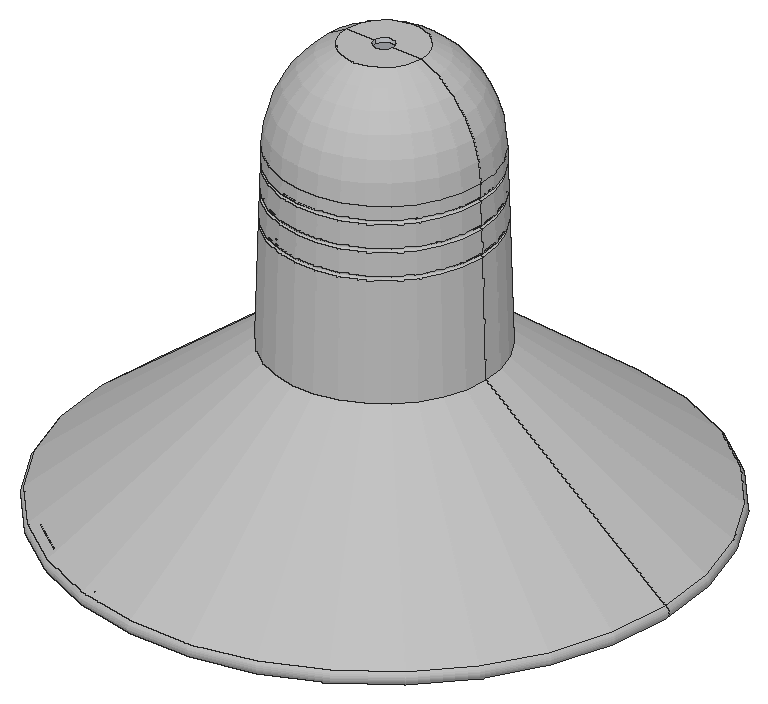
Revit family "HV15 SHADE", category Lighting Fixtures, Revit 2024
Family settings
  Round Connector Dimension = Use Diameter
  Part Type = Normal
  OmniClass Number = 23.80.70.00
  OmniClass Title = Lighting
  Work Plane-Based = No
  Always vertical = Yes
  Cut with Voids When Loaded = No
  Light Source = Yes
  Maintain Annotation Orientation = No
  Shared = No
  Room Calculation Point = No
Parameters
  Wattage = 12.1178 W
  built-in parameter 1150110 = 1 (stored number, unit not read)
  built-in parameter 1114217 = 1 (stored number, unit not read)
  built-in parameter 1150109 = 1 (stored number, unit not read)
  built-in parameter 1150134 = (empty or 0)
  built-in parameter 1150113 = 1 (stored number, unit not read)
  Lumens = 1800 lm
  built-in parameter 1150115 = 1 (stored number, unit not read)
  built-in parameter 1150105 = 572.96 (stored number, unit not read)
  Light Source Symbol Size = 2' - 0"
  built-in parameter 1150137 = (empty or 0)
  built-in parameter 1150139 = (empty or 0)
  built-in parameter 1150112 = 1 (stored number, unit not read)
  built-in parameter 1150114 = 1 (stored number, unit not read)
  built-in parameter 1150132 = 2
  built-in parameter 1150102 = (empty or 0)
  built-in parameter 1150138 = (empty or 0)
  built-in parameter 1150107 = 3000 (stored number, unit not read)
  built-in parameter 1150106 = 5.7296 (stored number, unit not read)
  built-in parameter 1150104 = 13.8 (stored number, unit not read)
  Dimming Lamp Color Temperature Shift = (empty or 0)
  Default Elevation = 0' - 0"
  Color Filter = 16777215
  built-in parameter 1114218 = 1 (stored number, unit not read)
  built-in parameter 1150133 = 10 (stored number, unit not read)
Reference planes (in)
  plane 1 "Light Source Axis (F/B)": y = 0
  plane 2: z = 0
  plane 3 "Light Source Axis (L/R)": x = 0
  plane 4 "Light Source Elevation": z = 54
Forms (in)
  Revolve 1, solid
    sketch origin (0, 0, 0) x (1, 0, 0) y (0, 0, 1)
      loop
        line (-7.24115, 54.36089) -> (-2.58263, 57.95284) -> (-2.49695, 60.79774)
        arc (-2.49695, 60.79774) -> (-2.44731, 60.90088) -> (-2.49104, 61.00666) r 0.14026
        line (-2.49104, 61.00666) -> (-2.47951, 61.44364)
        arc (-2.47951, 61.44364) -> (-2.42502, 61.54783) -> (-2.4689, 61.65691) r 0.14035
        line (-2.4689, 61.65691) -> (-2.45813, 62.0925)
        arc (-2.45813, 62.0925) -> (-2.40218, 62.20049) -> (-2.45146, 62.31169) r 0.1405
        line (-2.45146, 62.31169) -> (-2.44272, 62.57836)
        arc (-2.44272, 62.57836) -> (-2.04634, 63.95332) -> (-0.97884, 64.90625) r 2.58283
        line (-0.97884, 64.90625) -> (-0.25, 64.90625) -> (-0.25, 65) -> (-1, 65)
        arc (-1, 65) -> (-2.11954, 64.01299) -> (-2.53647, 62.57991) r 2.67658
        line (-2.53647, 62.57991) -> (-2.54724, 62.25129)
        arc (-2.54724, 62.25129) -> (-2.49589, 62.20324) -> (-2.55028, 62.15865) r 0.04675
        line (-2.55028, 62.15865) -> (-2.56405, 61.6014)
        arc (-2.56405, 61.6014) -> (-2.51875, 61.55103) -> (-2.57158, 61.50865) r 0.0466
        line (-2.57158, 61.50865) -> (-2.58629, 60.95133)
        arc (-2.58629, 60.95133) -> (-2.54102, 60.90353) -> (-2.58891, 60.85836) r 0.04651
        line (-2.58891, 60.85836) -> (-2.675, 58) -> (-7.42699, 54.33599)
        arc (-7.42699, 54.33599) -> (-7.28759, 54.00166) -> (-7.24115, 54.36089) r 0.1875
      axis (0, 54.33599) -> (0, 65)
    angle from 0 to 360
Dimensions and locks (in)
  aligned and locked: plane 3 "Light Source Axis (L/R)" to imposter light
  aligned and locked: plane 1 "Light Source Axis (F/B)" to imposter light
  aligned and locked: plane 4 "Light Source Elevation" to imposter light
  aligned and locked: level to plane 2
